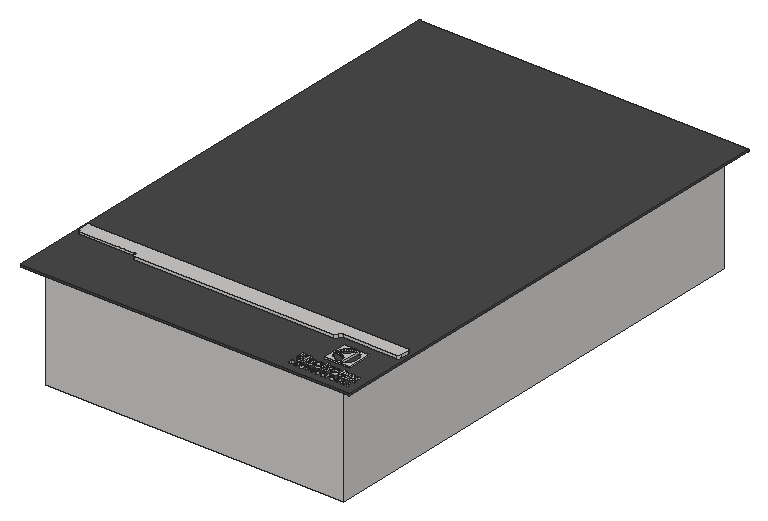
Revit family "QF_ELECTROLUXPROFESSIONAL_600882_E1HDDOMCT", category Specialty Equipment, Revit 2018 (continued)
Definition of nested family "ELX_Logo_Professional"
  Forms (mm)
    Extrusion 2, solid
      sketch origin (-144.622, -1081.55, 0) x (-1, 0, 0) y (0, -1, 0)
        loop
          arc (-142.987, -1067.949) -> (-141.652, -1068.356) -> (-141.192, -1069.673) r 1.542
        loop
          line (-146.494, -1073.042) -> (-146.494, -1074.25) -> (-144.576, -1074.25) -> (-144.576, -1070.271) -> (-144.576, -1066.132) -> (-146.494, -1066.132) -> (-146.494, -1070.401)
          arc (-146.494, -1070.401) -> (-147.446, -1072.228) -> (-149.489, -1072.494) r 2.229
          line (-149.489, -1072.494) -> (-149.489, -1074.362)
          arc (-149.489, -1074.362) -> (-147.761, -1074.226) -> (-146.494, -1073.042) r 2.627
        loop
          line (-159.833, -1072.246) -> (-159.833, -1066.131) -> (-161.767, -1066.131) -> (-161.767, -1072.17) -> (-161.767, -1077.359) -> (-159.833, -1077.359) -> (-159.833, -1072.246)
        loop
          line (-165.194, -1069.514) -> (-165.194, -1074.25) -> (-163.245, -1074.25) -> (-163.245, -1071.898) -> (-163.245, -1069.098)
          arc (-163.245, -1069.098) -> (-166.96, -1065.769) -> (-170.687, -1069.085) r 3.745
          line (-170.687, -1069.085) -> (-170.687, -1071.898) -> (-170.687, -1074.25) -> (-168.739, -1074.25) -> (-168.739, -1069.514)
          arc (-168.739, -1069.514) -> (-166.967, -1067.742) -> (-165.194, -1069.514) r 1.772
        loop
          line (-174.654, -1070.416) -> (-172.975, -1068.078) -> (-171.578, -1066.131) -> (-173.656, -1066.131) -> (-175.717, -1068.999) -> (-177.779, -1066.131) -> (-179.857, -1066.131) -> (-178, -1068.728) -> (-176.781, -1070.433) -> (-178.29, -1072.488) -> (-179.583, -1074.25) -> (-177.473, -1074.25) -> (-175.717, -1071.818) -> (-173.945, -1074.25) -> (-171.852, -1074.25) -> (-173.052, -1072.608) -> (-174.654, -1070.416)
        loop
          circle (-154.223, -1070.188) r 2.508
        loop
          circle (-154.223, -1070.188) r 4.42
        loop
          line (-110.224, -1058.542) -> (-111.194, -1058.542)
          arc (-111.194, -1058.542) -> (-112.217, -1059.95) -> (-110.924, -1061.114) r 1.3
          line (-110.924, -1061.114) -> (-109.424, -1061.114) -> (-109.424, -1057.223) -> (-110.224, -1057.223) -> (-110.224, -1058.542)
        loop
          line (-110.224, -1060.379) -> (-110.224, -1059.293) -> (-111.03, -1059.293)
          arc (-111.03, -1059.293) -> (-111.43, -1059.836) -> (-111.03, -1060.379) r 0.569
          line (-111.03, -1060.379) -> (-110.224, -1060.379)
        loop
          line (-116.302, -1058.564) -> (-117.128, -1058.564) -> (-117.934, -1057.223) -> (-118.841, -1057.223) -> (-117.833, -1058.884)
          arc (-117.833, -1058.884) -> (-118.214, -1060.282) -> (-117.028, -1061.114) r 1.26
          line (-117.028, -1061.114) -> (-115.503, -1061.114) -> (-115.503, -1057.223) -> (-116.302, -1057.223) -> (-116.302, -1058.564)
        loop
          line (-116.302, -1060.379) -> (-116.302, -1059.293) -> (-117.109, -1059.293)
          arc (-117.109, -1059.293) -> (-117.508, -1059.836) -> (-117.109, -1060.379) r 0.569
          line (-117.109, -1060.379) -> (-116.302, -1060.379)
        loop
          line (-128.923, -1057.223) -> (-129.723, -1057.223) -> (-129.723, -1058.714) -> (-131.187, -1058.714) -> (-131.187, -1059.514) -> (-129.723, -1059.514) -> (-129.723, -1060.314) -> (-131.327, -1060.314) -> (-131.327, -1061.114) -> (-128.923, -1061.114) -> (-128.923, -1057.223)
        loop
          arc (-134.628, -1058.469) -> (-134.992, -1057.588) -> (-135.874, -1057.223) r 1.246
          line (-135.874, -1057.223) -> (-137.13, -1057.223) -> (-137.13, -1058.023) -> (-135.969, -1058.023)
          arc (-135.969, -1058.023) -> (-135.53, -1058.237) -> (-135.427, -1058.714) r 0.558
          line (-135.427, -1058.714) -> (-136.984, -1058.714) -> (-136.984, -1059.514) -> (-135.427, -1059.514) -> (-135.427, -1060.314) -> (-137.092, -1060.314) -> (-137.092, -1061.114) -> (-134.628, -1061.114) -> (-134.628, -1058.469)
        loop
          line (-152.3, -1057.223) -> (-153.1, -1057.223) -> (-153.1, -1061.114) -> (-152.3, -1061.114) -> (-152.3, -1057.223)
        loop
          line (-164.67, -1057.223) -> (-164.67, -1059.67) -> (-166.45, -1057.223) -> (-167.25, -1057.223) -> (-167.25, -1061.114) -> (-166.42, -1061.114) -> (-166.42, -1058.594) -> (-164.64, -1061.114) -> (-163.84, -1061.114) -> (-163.84, -1057.223) -> (-164.67, -1057.223)
        loop
          line (-170.403, -1057.223) -> (-171.262, -1057.223) -> (-171.641, -1058.063) -> (-173.08, -1058.063) -> (-173.459, -1057.223) -> (-174.317, -1057.223) -> (-172.796, -1061.113) -> (-171.996, -1061.113) -> (-170.403, -1057.223)
        loop
          line (-177.493, -1057.223) -> (-179.789, -1057.223) -> (-179.789, -1058.023) -> (-178.293, -1058.023) -> (-178.293, -1061.114) -> (-177.493, -1061.114) -> (-177.493, -1057.223)
        loop
          line (-172.362, -1059.848) -> (-171.945, -1058.83) -> (-172.76, -1058.83) -> (-172.362, -1059.848)
        loop
          circle (-158.484, -1059.145) r 1.288
        loop
          circle (-158.484, -1059.145) r 2.065
        loop
          arc (-146.04, -1058.095) -> (-146.933, -1057.275) -> (-148.145, -1057.245) r 1.725
          arc (-148.145, -1057.245) -> (-148.965, -1058.02) -> (-148.68, -1059.111) r 1.107
          arc (-148.68, -1059.111) -> (-148.103, -1059.465) -> (-147.486, -1059.746) r 5.523
          arc (-147.486, -1059.746) -> (-147.147, -1060.262) -> (-147.708, -1060.52) r 0.407
          arc (-147.708, -1060.52) -> (-148.045, -1060.315) -> (-148.325, -1060.038) r 1.702
          line (-148.325, -1060.038) -> (-149.011, -1060.45)
          arc (-149.011, -1060.45) -> (-148.578, -1060.911) -> (-148.043, -1061.247) r 2.463
          arc (-148.043, -1061.247) -> (-146.373, -1060.466) -> (-147.42, -1058.949) r 1.207
          spline (-147.42, -1058.949) -> (-147.716, -1058.809) -> (-147.932, -1058.678) -> (-148.077, -1058.557) -> (-148.163, -1058.446) -> (-148.198, -1058.347) -> (-148.192, -1058.258) -> (-148.157, -1058.182) -> (-148.102, -1058.118) -> (-148.037, -1058.068) -> (-147.972, -1058.031) -> (-147.917, -1058.008) -> (-147.883, -1058)
          arc (-147.883, -1058) -> (-147.238, -1058.014) -> (-146.759, -1058.446) r 0.925
          line (-146.759, -1058.446) -> (-146.04, -1058.095)
        loop
          arc (-140.18, -1058.095) -> (-141.073, -1057.275) -> (-142.285, -1057.245) r 1.725
          arc (-142.285, -1057.245) -> (-143.106, -1058.02) -> (-142.821, -1059.111) r 1.107
          arc (-142.821, -1059.111) -> (-142.243, -1059.465) -> (-141.627, -1059.746) r 5.523
          arc (-141.627, -1059.746) -> (-141.287, -1060.262) -> (-141.849, -1060.52) r 0.407
          arc (-141.849, -1060.52) -> (-142.185, -1060.315) -> (-142.466, -1060.038) r 1.702
          line (-142.466, -1060.038) -> (-143.151, -1060.45)
          arc (-143.151, -1060.45) -> (-142.719, -1060.911) -> (-142.183, -1061.247) r 2.463
          arc (-142.183, -1061.247) -> (-140.513, -1060.466) -> (-141.56, -1058.949) r 1.207
          spline (-141.56, -1058.949) -> (-141.856, -1058.809) -> (-142.072, -1058.678) -> (-142.218, -1058.557) -> (-142.303, -1058.446) -> (-142.338, -1058.347) -> (-142.333, -1058.258) -> (-142.298, -1058.182) -> (-142.242, -1058.118) -> (-142.177, -1058.068) -> (-142.112, -1058.031) -> (-142.057, -1058.008) -> (-142.023, -1058)
          arc (-142.023, -1058) -> (-141.378, -1058.014) -> (-140.9, -1058.446) r 0.925
          line (-140.9, -1058.446) -> (-140.18, -1058.095)
        loop
          circle (-123.484, -1059.145) r 1.288
        loop
          circle (-123.484, -1059.145) r 2.065
      from 0 to 1.6
  Dimensions and locks
    aligned and locked: plane 2 to Extrusion 1
    aligned and locked: level to Extrusion 1
Types (2, lengths in mm): name | URL | Manufacturer | Phase | Model | Description
  (no name) | 0 | 0 | 0 | 0 | 0
  Standard | "http://professional.electrolux.com" | "Electrolux Professional" | 3 | "E1HDDOMCT" | "PLUG-IN INDUCTION MONO ZONE COOK TOP, DROP-IN - 3-PHASE"
